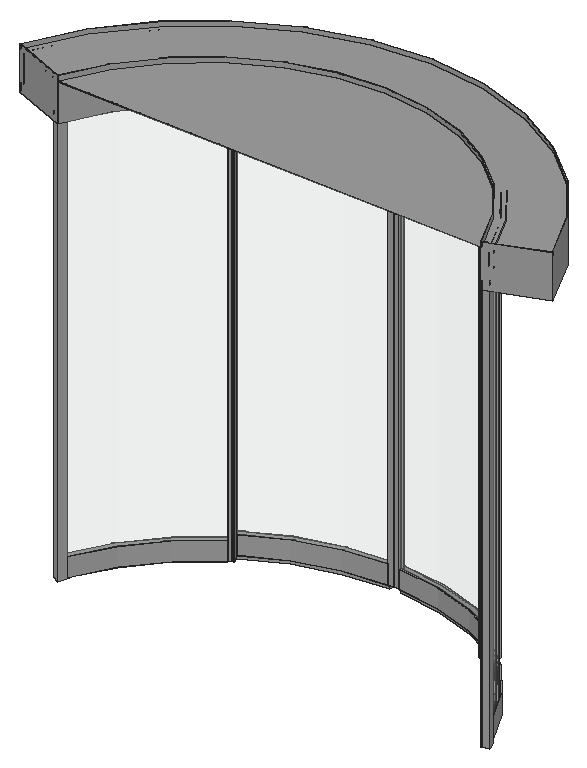
Revit family "agtatec_Record_SldngDrset_RST-ABST-IBST_Curtain Wall Panel", category Curtain Panels, Revit 2015 (continued)
Definition of nested family "RST - Generic"
  Nested families
    nested 1: "Panels" at (0, 0, 0), type "Default"
      with RightProfile30mm no, RightProfile20mm no, Right no, LeftProfile30mm yes, LeftProfile20mm no, Left yes
    nested 2: "Panels" at (0, 0, 0) x (-1, 0, 0) z (0, 0, 1), type "Default"
      with RightProfile30mm yes, RightProfile20mm no, Right yes, LeftProfile30mm no, LeftProfile20mm no, Left no
    nested 3: "Panels" at (0, 0, 0), visible <- "RST360", type "Default"
      with RightProfile30mm no, RightProfile20mm no, Right no, LeftProfile30mm yes, LeftProfile20mm no, Left yes
    nested 4: "Panels" at (0, 0, 0) x (-1, 0, 0) z (0, 0, 1), visible <- "RST360", type "Default"
      with RightProfile30mm yes, RightProfile20mm no, Right yes, LeftProfile30mm no, LeftProfile20mm no, Left no
  Definition of nested family "Panels"
    Parameters
      WithoutSidePanels = not(WithSidePanels)  # no
      WithSidePanels = yes
      WTF = W + StopAngle  # 34.6706°
      W = 32.9207°
      UnderStructure = yes
      StopAngle = if(Panel20mm, (atan(20 mm / SidePanelRadius)), (atan(30 mm / SidePanelRadius)))  # 1.74984°
      SidePanelRadius = if(Panel20mm, (STRadius - 13 mm), (STRadius - 18 mm))  # 982 mm
      SidePanelOutsideProfile30mm = and(Panel30mm, Outside, WithSidePanels)  # yes
      SidePanelOutsideProfile20mm = and(Panel20mm, Outside, WithSidePanels)  # no
      SidePanelInsideProfile30mm = and(Panel30mm, Inside, WithSidePanels)  # no
      SidePanelInsideProfile20mm = and(Panel20mm, Inside, WithSidePanels)  # no
      SidePanelCentralProfiles30mm = and(Panel30mm, WithSidePanels)  # yes
      SidePanelCentralProfiles20mm = and(Panel20mm, WithSidePanels)  # no
      SidePanelAngle = SW - (if(Panel20mm, (atan(25 mm / SidePanelRadius)), (atan(40 mm / SidePanelRadius)))) - StopAngle  # 33.3321°
      SW = 37.4145°
      STRadius = 1000 mm
      RightProfile30mm [instance] = and(Panel30mm, Right)  # no
      RightProfile20mm [instance] = and(Panel20mm, Right)  # no
      Right [instance] = no
      PassageHeight = 2100 mm
      PanelFrames = none
      Panel30mm = not(Panel20mm)  # yes
      Panel20mm = no
      OutsideProfile30mm = and(Panel30mm, Outside)  # yes
      OutsideProfile20mm = and(Panel20mm, Outside)  # no
      OutsideMountingProfile17mm = and(WithoutSidePanels, Outside, MountingProfile17mm)  # no
      Outside = yes
      OpeningRotationAngle = if(OpenDoor, (W - JointAngle), JointAngle)  # 1.54965°
      OpenablePanelRadius = if(and(Inside, Panel20mm), (STRadius - 53 mm), if(and(Inside, Panel30mm), (STRadius - 68 mm), if(and(Outside, Panel20mm), (STRadius + 30 mm), if(and(Outside, Panel30mm), (STRadius + 35 mm), 1200 mm))))  # 1035 mm
      OpenablePanelAngle = W - JointAngle  # 31.3711°
      OpenDoor = no
      MountingProfile39mm = not(MountingProfile17mm)  # no
      MountingProfile17mm = yes
      LeftProfile30mm [instance] = and(Panel30mm, Left)  # yes
      LeftProfile20mm [instance] = and(Panel20mm, Left)  # no
      Left [instance] = yes
      LeafPanelFill = none
      JointAngle = if(Panel20mm, (atan(17 mm / OpenablePanelRadius)), (atan(28 mm / OpenablePanelRadius)))  # 1.54965°
      InsideProfile30mm = and(Panel30mm, Inside)  # no
      InsideProfile20mm = and(Panel20mm, Inside)  # no
      InsideMountingProfile39mm = and(WithoutSidePanels, Inside, MountingProfile39mm)  # no
      InsideMountingProfile17mm = and(WithoutSidePanels, Inside, MountingProfile17mm)  # no
      Inside = not(Outside)  # no
      FloorGuide = no
      FloorChannel = no
      Analytic Construction = "<None>"
    Reference planes
      plane 1 "Center (Front/Back)": y = 0
      plane 2: z = 0
      plane 3 "Center (Left/Right)": x = 0
      plane 4 "Top Plane": z = 2100
      plane 5: z = 2150
      plane 6 "T": z = 5
    Forms (mm)
      Sweep 1, solid, material <- "PanelFrames", visible <- "Panel20mm"
        path origin (0, 0, 0) x (1, 0, 0) y (0, 1, 0)
          loop
            arc (-27.99, 1034.621) -> (-306.665, 988.525) -> (-562.5, 868.803) r 1035
        profile origin (-306.665, 988.525, 0) x (0.296295, -0.955097, 0) y (0, 0, 1)
          loop
            line (7, 29) -> (7, 5) -> (10, 5) -> (10, 78) -> (7, 78) -> (7, 44) -> (-7, 44) -> (-7, 78) -> (-10, 78) -> (-10, 5) -> (-7, 5) -> (-7, 29) -> (-4.35, 29) -> (-4.35, 40) -> (4.35, 40) -> (4.35, 29) -> (7, 29)
          loop
            line (6.825, 28.6) -> (-6.825, 28.6) -> (-6.825, -16.4) -> (6.825, -16.4) -> (6.825, 28.6)
      Sweep 2, solid, material <- "PanelFrames", visible <- "Panel20mm"
        path origin (0, 0, 2100) x (-1, 0, 0) y (0, -1, 0)
          loop
            arc (27.99, -1034.621) -> (306.665, -988.525) -> (562.5, -868.803) r 1035
        profile origin (-306.665, 988.525, 2100) x (0.296295, -0.955097, 0) y (0, 0, 1)
          loop
            line (6.5, 34) -> (6.5, 0) -> (10, 0) -> (10, 50) -> (4.35, 50) -> (4.35, 38) -> (-4.35, 38) -> (-4.35, 50) -> (-10, 50) -> (-10, 0) -> (-6.5, 0) -> (-6.5, 34) -> (6.5, 34)
      Sweep 3, solid, material <- "PanelFrames", visible <- "OutsideProfile20mm"
        path origin (-562.5, 868.803, 0) x (0, 0, 1) y (0.839423, 0.543478, 0)
          loop
            line (5, 0) -> (2150, 0)
        profile origin (-562.5, 868.803, 1077.5) x (0.839423, 0.543478, 0) y (-0.543478, 0.839423, 0)
          loop
            line (-7, -7) -> (-7, 7) -> (0, 7) -> (0, 10) -> (-20, 10) -> (-20, -7) -> (-21.945, -22.264)
            arc (-21.945, -22.264) -> (-21.14, -23.363) -> (-20.001, -22.618) r 0.99
            line (-20.001, -22.618) -> (-17.65, -12.7) -> (-14.95, -12.7) -> (-14.95, -10) -> (0, -10) -> (0, -7) -> (-7, -7)
      Sweep 4, solid, material <- "PanelFrames", visible <- "LeftProfile20mm"
        path origin (-27.99, 1034.621, 0) x (-0.027043, 0.999634, 0) y (0, 0, 1)
          loop
            line (0, 5) -> (0, 2150)
        profile origin (-27.99, 1034.621, 1077.5) x (0.027043, -0.999634, 0) y (0.999634, 0.027043, 0)
          loop
            line (-10, 17) -> (-10, 0) -> (-7, 0) -> (-7, 7) -> (7, 7) -> (7, 0) -> (10, 0) -> (10, 17) -> (3, 17) -> (2.33, 19.5) -> (1.33, 19.5) -> (-0.01, 14.5) -> (-3.51, 14.5) -> (-3.51, 17) -> (-10, 17)
      Sweep 5, solid, material <- "PanelFrames", visible <- "RightProfile20mm"
        path origin (-27.99, 1034.621, 0) x (-0.027043, 0.999634, 0) y (0, 0, 1)
          loop
            line (0, 5) -> (0, 2150)
        profile origin (-27.99, 1034.621, 1077.5) x (0.027043, -0.999634, 0) y (0.999634, 0.027043, 0)
          loop
            line (10, 17) -> (3.51, 17) -> (3.51, 14.5) -> (0.01, 14.5) -> (-1.33, 19.5) -> (-2.33, 19.5) -> (-3, 17) -> (-10, 17) -> (-10, 0) -> (-7, 0) -> (-7, 7) -> (7, 7) -> (7, 0) -> (10, 0) -> (10, 17)
      Sweep 6, solid, material <- "PanelFrames", visible <- "InsideProfile20mm"
        path origin (-562.5, 868.803, 0) x (0, 0, 1) y (0.839423, 0.543478, 0)
          loop
            line (5, 0) -> (2150, 0)
        profile origin (-562.5, 868.803, 1077.5) x (0.839423, 0.543478, 0) y (-0.543478, 0.839423, 0)
          loop
            line (-7, 7) -> (0, 7) -> (0, 10) -> (-14.95, 10) -> (-14.95, 12.7) -> (-17.65, 12.7) -> (-20.001, 22.618)
            arc (-20.001, 22.618) -> (-21.14, 23.363) -> (-21.945, 22.264) r 0.99
            line (-21.945, 22.264) -> (-20, 7) -> (-20, -10) -> (0, -10) -> (0, -7) -> (-7, -7) -> (-7, 7)
      Sweep 7, solid, material <- "PanelFrames", visible <- "Panel30mm"
        path origin (0, 0, 0) x (1, 0, 0) y (0, 1, 0)
          loop
            arc (-27.99, 1034.621) -> (-306.665, 988.525) -> (-562.5, 868.803) r 1035
        profile origin (-306.665, 988.525, 0) x (0.296295, -0.955097, 0) y (0, 0, 1)
          loop
            line (-12, 5) -> (-12, 50) -> (-5, 50) -> (-5, 62) -> (5, 62) -> (5, 50) -> (12, 50) -> (12, 5) -> (15, 5) -> (15, 100) -> (12, 100) -> (12, 67) -> (-12, 67) -> (-12, 100) -> (-15, 100) -> (-15, 5) -> (-12, 5)
          loop
            line (6.825, -16.4) -> (6.825, 28.6) -> (-6.825, 28.6) -> (-6.825, -16.4) -> (6.825, -16.4)
      Sweep 8, solid, material <- "PanelFrames", visible <- "Panel30mm"
        path origin (0, 0, 2100) x (-1, 0, 0) y (0, -1, 0)
          loop
            arc (27.99, -1034.621) -> (306.665, -988.525) -> (562.5, -868.803) r 1035
        profile origin (-306.665, 988.525, 2100) x (0.296295, -0.955097, 0) y (0, 0, 1)
          loop
            line (-12, 33) -> (12, 33) -> (12, 0) -> (15, 0) -> (15, 50) -> (4.5, 50) -> (4.5, 37) -> (-4.5, 37) -> (-4.5, 50) -> (-15, 50) -> (-15, 0) -> (-12, 0) -> (-12, 33)
      Sweep 9, solid, material <- "PanelFrames", visible <- "RightProfile30mm"
        path origin (-27.99, 1034.621, 0) x (-0.027043, 0.999634, 0) y (0, 0, 1)
          loop
            line (0, 5) -> (0, 2150)
        profile origin (-27.99, 1034.621, 1077.5) x (0.027043, -0.999634, 0) y (0.999634, 0.027043, 0)
          loop
            line (-15, 0) -> (-12, 0) -> (-12, 15) -> (12, 15) -> (12, 0) -> (15, 0) -> (15, 28) -> (7.56, 28) -> (6.16, 25) -> (0.5, 25) -> (-2.3, 31) -> (-3.6, 31) -> (-5, 28) -> (-15, 28) -> (-15, 0)
      Sweep 10, solid, material <- "PanelFrames", visible <- "LeftProfile30mm"
        path origin (-27.99, 1034.621, 0) x (-0.027043, 0.999634, 0) y (0, 0, 1)
          loop
            line (0, 5) -> (0, 2150)
        profile origin (-27.99, 1034.621, 1077.5) x (0.027043, -0.999634, 0) y (0.999634, 0.027043, 0)
          loop
            line (-15, 0) -> (-12, 0) -> (-12, 15) -> (12, 15) -> (12, 0) -> (15, 0) -> (15, 28) -> (5, 28) -> (3.6, 31) -> (2.3, 31) -> (-0.5, 25) -> (-6.16, 25) -> (-7.56, 28) -> (-15, 28) -> (-15, 0)
      Sweep 11, solid, material <- "LeafPanelFill", visible <- "Panel20mm"
        path origin (0, 0, 0) x (1, 0, 0) y (0, 1, 0)
          loop
            arc (-22.991, 1034.745) -> (-306.665, 988.525) -> (-566.691, 866.076) r 1035
        profile origin (-306.665, 988.525, 0) x (0.296295, -0.955097, 0) y (0, 0, 1)
          loop
            line (-5, 52) -> (5, 52) -> (5, 2126) -> (-5, 2126) -> (-5, 52)
      Sweep 12, solid, material <- "LeafPanelFill", visible <- "Panel30mm"
        path origin (0, 0, 0) x (1, 0, 0) y (0, 1, 0)
          loop
            arc (-14.992, 1034.891) -> (-306.665, 988.525) -> (-573.368, 861.669) r 1035
        profile origin (-306.665, 988.525, 0) x (0.296295, -0.955097, 0) y (0, 0, 1)
          loop
            line (4, 75) -> (10, 75) -> (10, 2125) -> (4, 2125) -> (4, 75)
          loop
            line (-4, 75) -> (-4, 2125) -> (-10, 2125) -> (-10, 75) -> (-4, 75)
      Sweep 13, solid, material <- "PanelFrames", visible <- "InsideProfile30mm"
        path origin (-562.5, 868.803, 0) x (0, 0, 1) y (-0.543478, 0.839423, 0)
          loop
            line (5, 0) -> (2150, 0)
        profile origin (-562.5, 868.803, 1077.5) x (-0.543478, 0.839423, 0) y (-0.839423, -0.543478, 0)
          loop
            line (15, 0) -> (15, 25) -> (26, 25)
            arc (26, 25) -> (26.961, 25.901) -> (26.123, 26.918) r 0.963
            line (26.123, 26.918) -> (15, 28.35) -> (15, 30) -> (-15, 30) -> (-15, 0) -> (-12, 0) -> (-12, 15) -> (12, 15) -> (12, 0) -> (15, 0)
      Sweep 14, solid, material <- "PanelFrames", visible <- "OutsideProfile30mm"
        path origin (-562.5, 868.803, 0) x (0, 0, 1) y (-0.543478, 0.839423, 0)
          loop
            line (5, 0) -> (2144, 0)
        profile origin (-562.5, 868.803, 1074.5) x (-0.543478, 0.839423, 0) y (-0.839423, -0.543478, 0)
          loop
            line (-15, 0) -> (-12, 0) -> (-12, 15) -> (12, 15) -> (12, 0) -> (15, 0) -> (15, 30) -> (-15, 30) -> (-15, 28.35) -> (-26.123, 26.918)
            arc (-26.123, 26.918) -> (-26.961, 25.901) -> (-26, 25) r 0.963
            line (-26, 25) -> (-15, 25) -> (-15, 0)
      Sweep 15, solid, material <- "PanelFrames", visible <- "SidePanelCentralProfiles20mm"
        path origin (0, 0, 0) x (0, 1, 0) y (-1, 0, 0)
          loop
            arc (807.632, 558.618) -> (613.498, 766.775) -> (367.821, 910.512) r 982
        profile origin (-766.775, 613.498, 0) x (0.78083, -0.624743, 0) y (0, 0, 1)
          loop
            line (7, 29) -> (7, 5) -> (10, 5) -> (10, 78) -> (7, 78) -> (7, 44) -> (-7, 44) -> (-7, 78) -> (-10, 78) -> (-10, 5) -> (-7, 5) -> (-7, 29) -> (-4.35, 29) -> (-4.35, 40) -> (4.35, 40) -> (4.35, 29) -> (7, 29)
      Sweep 16, solid, material <- "PanelFrames", visible <- "SidePanelCentralProfiles20mm"
        path origin (0, 0, 2100) x (0, -1, 0) y (1, 0, 0)
          loop
            arc (-807.632, -558.618) -> (-613.498, -766.775) -> (-367.821, -910.512) r 982
        profile origin (-766.775, 613.498, 2100) x (0.78083, -0.624743, 0) y (0, 0, 1)
          loop
            line (6.5, 28) -> (6.5, 0) -> (10, 0) -> (10, 44) -> (4.35, 44) -> (4.35, 32) -> (-4.35, 32) -> (-4.35, 44) -> (-10, 44) -> (-10, 0) -> (-6.5, 0) -> (-6.5, 28) -> (6.5, 28)
      Sweep 17, solid, material <- "PanelFrames", visible <- "SidePanelCentralProfiles20mm"
        path origin (-910.512, 367.821, 0) x (0, 0, 1) y (0.374563, 0.927202, 0)
          loop
            line (5, 0) -> (2144, 0)
        profile origin (-910.512, 367.821, 1074.5) x (0.374563, 0.927202, 0) y (-0.927202, 0.374563, 0)
          loop
            line (-7, -7) -> (-7, 7) -> (0, 7) -> (0, 10) -> (-15, 10) -> (-15, 5) -> (-9, 5) -> (-9, -5) -> (-15, -5) -> (-15, -10) -> (0, -10) -> (0, -7) -> (-7, -7)
      Sweep 18, solid, material <- "PanelFrames", visible <- "SidePanelCentralProfiles20mm"
        path origin (-558.618, 807.632, 0) x (-0.568857, 0.822436, 0) y (0, 0, 1)
          loop
            line (0, 5) -> (0, 2144)
        profile origin (-558.618, 807.632, 1074.5) x (0.568857, -0.822436, 0) y (0.822436, 0.568857, 0)
          loop
            line (-10, 15) -> (-10, 0) -> (-7, 0) -> (-7, 7) -> (7, 7) -> (7, 0) -> (10, 0) -> (10, 15) -> (5, 15) -> (5, 9) -> (-5, 9) -> (-5, 15) -> (-10, 15)
      Sweep 19, solid, material <- "PanelFrames", visible <- "SidePanelInsideProfile20mm"
        path origin (-558.618, 807.632, 0) x (-0.568857, 0.822436, 0) y (0, 0, 1)
          loop
            line (0, 5) -> (0, 2144)
        profile origin (-558.618, 807.632, 1074.5) x (0.568857, -0.822436, 0) y (0.822436, 0.568857, 0)
          loop
            line (10, 15) -> (10, 0) -> (11.7, 0) -> (11.7, 2) -> (19.358, 1) -> (27, 2) -> (27, 20) -> (-10, 20) -> (-10, 15) -> (10, 15)
      Sweep 20, solid, material <- "PanelFrames", visible <- "SidePanelCentralProfiles20mm"
        path origin (-910.512, 367.821, 0) x (0, 0, 1) y (0.374563, 0.927202, 0)
          loop
            line (0, 0) -> (2100, 0)
        profile origin (-910.512, 367.821, 1050) x (0.374563, 0.927202, 0) y (-0.927202, 0.374563, 0)
          loop
            line (-25, 12.5) -> (-25, -12.5) -> (0, -12.5) -> (0, -10.5) -> (-23, -10.5) -> (-23, 10.5) -> (0, 10.5) -> (0, 12.5) -> (-25, 12.5)
      Sweep 21, solid, material <- "LeafPanelFill", visible <- "SidePanelCentralProfiles20mm"
        path origin (0, 0, 0) x (0, 1, 0) y (-1, 0, 0)
          loop
            arc (810.466, 554.498) -> (613.498, 766.775) -> (363.18, 912.373) r 982
        profile origin (-766.775, 613.498, 0) x (0.78083, -0.624743, 0) y (0, 0, 1)
          loop
            line (-5, 52) -> (5, 52) -> (5, 2126) -> (-5, 2126) -> (-5, 52)
      Sweep 22, solid, material <- "PanelFrames", visible <- "SidePanelOutsideProfile20mm"
        path origin (-558.618, 807.632, 0) x (-0.568857, 0.822436, 0) y (0, 0, 1)
          loop
            line (0, 5) -> (0, 2144)
        profile origin (-558.618, 807.632, 1074.5) x (0.568857, -0.822436, 0) y (0.822436, 0.568857, 0)
          loop
            line (-10, 15) -> (10, 15) -> (10, 20) -> (-27, 20) -> (-27, 2) -> (-19.358, 1) -> (-11.7, 2) -> (-11.7, 0) -> (-10, 0) -> (-10, 15)
      Sweep 23, solid, material <- "PanelFrames", visible <- "SidePanelCentralProfiles30mm"
        path origin (0, 0, 0) x (0, 1, 0) y (-1, 0, 0)
          loop
            arc (807.632, 558.618) -> (613.498, 766.775) -> (367.821, 910.512) r 982
        profile origin (-766.775, 613.498, 0) x (0.78083, -0.624743, 0) y (0, 0, 1)
          loop
            line (12, 50) -> (12, 5) -> (15, 5) -> (15, 100) -> (12, 100) -> (12, 67) -> (-12, 67) -> (-12, 100) -> (-15, 100) -> (-15, 5) -> (-12, 5) -> (-12, 50) -> (-4.35, 50) -> (-4.35, 62) -> (4.35, 62) -> (4.35, 50) -> (12, 50)
      Sweep 24, solid, material <- "PanelFrames", visible <- "SidePanelCentralProfiles30mm"
        path origin (0, 0, 2100) x (0, -1, 0) y (1, 0, 0)
          loop
            arc (-807.632, -558.618) -> (-613.498, -766.775) -> (-367.821, -910.512) r 982
        profile origin (-766.775, 613.498, 2100) x (0.78083, -0.624743, 0) y (0, 0, 1)
          loop
            line (12, 27) -> (12, 0) -> (15, 0) -> (15, 44) -> (4.5, 44) -> (4.5, 32) -> (-4.5, 32) -> (-4.5, 44) -> (-15, 44) -> (-15, 0) -> (-12, 0) -> (-12, 27) -> (12, 27)
      Sweep 25, solid, material <- "PanelFrames", visible <- "SidePanelCentralProfiles30mm"
        path origin (-910.512, 367.821, 5) x (0, 0, 1) y (0.374563, 0.927202, 0)
          loop
            line (0, 0) -> (2139, 0)
        profile origin (-910.512, 367.821, 1074.5) x (0.374563, 0.927202, 0) y (-0.927202, 0.374563, 0)
          loop
            line (-15, -12) -> (-15, 12) -> (0, 12) -> (0, 15) -> (-25, 15) -> (-25, 8) -> (-18, 8) -> (-18, -8) -> (-25, -8) -> (-25, -15) -> (0, -15) -> (0, -12) -> (-15, -12)
      Sweep 26, solid, material <- "PanelFrames", visible <- "SidePanelCentralProfiles30mm"
        path origin (-558.618, 807.632, 0) x (-0.568857, 0.822436, 0) y (0, 0, 1)
          loop
            line (0, 5) -> (0, 2144)
        profile origin (-558.618, 807.632, 1074.5) x (0.568857, -0.822436, 0) y (0.822436, 0.568857, 0)
          loop
            line (-15, 25) -> (-15, 0) -> (-12, 0) -> (-12, 15) -> (12, 15) -> (12, 0) -> (15, 0) -> (15, 25) -> (8, 25) -> (8, 18) -> (-8, 18) -> (-8, 25) -> (-15, 25)
      Sweep 27, solid, material <- "PanelFrames", visible <- "SidePanelInsideProfile30mm"
        path origin (-558.618, 807.632, 0) x (-0.568857, 0.822436, 0) y (0, 0, 1)
          loop
            line (0, 5) -> (0, 2144)
        profile origin (-558.618, 807.632, 1074.5) x (0.568857, -0.822436, 0) y (0.822436, 0.568857, 0)
          loop
            line (15, 25) -> (15, 0) -> (16.75, 0) -> (16.75, 5.001) -> (32, 5.143) -> (32, 30) -> (-15, 30) -> (-15, 25) -> (15, 25)
      Sweep 28, solid, material <- "PanelFrames", visible <- "SidePanelCentralProfiles30mm"
        path origin (-910.512, 367.821, 5) x (0, 0, 1) y (0.374563, 0.927202, 0)
          loop
            line (-5, 0) -> (2095, 0)
        profile origin (-910.512, 367.821, 1050) x (0.374563, 0.927202, 0) y (-0.927202, 0.374563, 0)
          loop
            line (-40, 17.85) -> (-40, -20.15) -> (0, -20.15) -> (0, -17.15) -> (-37, -17.15) -> (-37, 15.85) -> (0, 15.85) -> (0, 17.85) -> (-40, 17.85)
      Sweep 29, solid, material <- "LeafPanelFill", visible <- "SidePanelCentralProfiles30mm"
        path origin (0, 0, 0) x (0, 1, 0) y (-1, 0, 0)
          loop
            arc (810.466, 554.498) -> (613.498, 766.775) -> (363.18, 912.373) r 982
        profile origin (-766.775, 613.498, 0) x (0.78083, -0.624743, 0) y (0, 0, 1)
          loop
            line (-9, 75) -> (-4, 75) -> (-4, 2125) -> (-9, 2125) -> (-9, 75)
          loop
            line (4, 75) -> (9, 75) -> (9, 2125) -> (4, 2125) -> (4, 75)
      Sweep 30, solid, material <- "PanelFrames", visible <- "SidePanelOutsideProfile30mm"
        path origin (-558.618, 807.632, 0) x (-0.568857, 0.822436, 0) y (0, 0, 1)
          loop
            line (0, 5) -> (0, 2144)
        profile origin (-558.618, 807.632, 1074.5) x (0.568857, -0.822436, 0) y (0.822436, 0.568857, 0)
          loop
            line (-15, 25) -> (15, 25) -> (15, 30) -> (-32, 30) -> (-32, 4.546) -> (-16.75, 4.688) -> (-16.75, 0) -> (-15, 0) -> (-15, 25)
      Sweep 31, solid, material <- "PanelFrames", visible <- "InsideMountingProfile17mm"
        path origin (-558.618, 807.632, 0) x (-0.568857, 0.822436, 0) y (0, 0, 1)
          loop
            line (0, 0) -> (0, 2100)
        profile origin (-558.618, 807.632, 1050) x (0.568857, -0.822436, 0) y (0.822436, 0.568857, 0)
          loop
            line (19.358, 1) -> (27, 2) -> (27, 20) -> (10, 20) -> (10, -20) -> (11.7, -20) -> (11.7, 2) -> (19.358, 1)
      Sweep 32, solid, material <- "PanelFrames", visible <- "OutsideMountingProfile17mm"
        path origin (-558.618, 807.632, 0) x (-0.568857, 0.822436, 0) y (0, 0, 1)
          loop
            line (0, 0) -> (0, 2100)
        profile origin (-558.618, 807.632, 1050) x (0.568857, -0.822436, 0) y (0.822436, 0.568857, 0)
          loop
            line (-19.358, 1) -> (-11.7, 2) -> (-11.7, -20) -> (-10, -20) -> (-10, 20) -> (-27, 20) -> (-27, 2) -> (-19.358, 1)
      Sweep 33, solid, material <- "PanelFrames", visible <- "InsideMountingProfile39mm"
        path origin (-558.618, 807.632, 0) x (-0.568857, 0.822436, 0) y (0, 0, 1)
          loop
            line (0, 0) -> (0, 2100)
        profile origin (-558.618, 807.632, 1050) x (0.568857, -0.822436, 0) y (0.822436, 0.568857, 0)
          loop
            line (19.358, 1) -> (27, 2) -> (27, 20) -> (-12, 20) -> (-12, 14) -> (-10.015, 12.971) -> (-10.015, 0.971) -> (-12, -0.021) -> (-12, -20) -> (-9.3, -20) -> (-9.3, 0) -> (11.7, 0) -> (11.7, 2) -> (19.358, 1)
      Sweep 34, solid, material <- "PanelFrames", visible <- "WithSidePanels"
        path origin (0, 0, 0) x (1, 0, 0) y (0, 1, 0)
          loop
            arc (-558.618, 807.632) -> (-766.775, 613.498) -> (-910.512, 367.821) r 982
        profile origin (-766.775, 613.498, 0) x (0.78083, -0.624743, 0) y (0, 0, 1)
          loop
            line (-10, 0) -> (10, 0) -> (10, 2.5) -> (6, 2.5) -> (6, 25) -> (-6, 25) -> (-6, 2.5) -> (-10, 2.5) -> (-10, 0)
      Sweep 35, solid, material <- "PanelFrames", visible <- "FloorGuide"
        path origin (0, 0, 0) x (1, 0, 0) y (0, 1, 0)
          loop
            arc (-27.99, 1034.621) -> (-306.665, 988.525) -> (-562.5, 868.803) r 1035
        profile origin (-306.665, 988.525, 0) x (0.296295, -0.955097, 0) y (0, 0, 1)
          loop
            line (10, 0) -> (10, 4) -> (6, 4) -> (6, 25) -> (-6, 25) -> (-6, 4) -> (-10, 4) -> (-10, 0) -> (10, 0)
      Sweep 36, solid, material <- "PanelFrames", visible <- "FloorChannel"
        path origin (0, 0, 0) x (1, 0, 0) y (0, 1, 0)
          loop
            arc (0, 1035) -> (-578.785, 858.04) -> (-959.654, 387.673) r 1035
        profile origin (-578.785, 858.04, 0) x (0.559212, -0.829024, 0) y (0, 0, 1)
          loop
            arc (5, -30) -> (7.828, -28.828) -> (9, -26) r 4
            line (9, -26) -> (9, 0) -> (7, 0) -> (7, -26)
            arc (7, -26) -> (6.414, -27.414) -> (5, -28) r 2
            line (5, -28) -> (-5, -28)
            arc (-5, -28) -> (-6.414, -27.414) -> (-7, -26) r 2
            line (-7, -26) -> (-7, 0) -> (-9, 0) -> (-9, -26)
            arc (-9, -26) -> (-7.828, -28.828) -> (-5, -30) r 4
            line (-5, -30) -> (5, -30)
      Sweep 37, solid, material <- "PanelFrames", visible <- "UnderStructure"
        path origin (0, 0, 0) x (1, 0, 0) y (0, 1, 0)
          loop
            arc (0, 1035) -> (-578.785, 858.04) -> (-959.654, 387.673) r 1035
        profile origin (-578.785, 858.04, 0) x (0.559212, -0.829024, 0) y (0, 0, 1)
          loop
            line (7, 0) -> (7, -29)
            arc (7, -29) -> (6.414, -30.414) -> (5, -31) r 2
            line (5, -31) -> (-7, -31) -> (-7, 0) -> (-47, 0) -> (-47, -31) -> (-24, -31) -> (-24, -33) -> (5, -33)
            arc (5, -33) -> (7.828, -31.828) -> (9, -29) r 4
            line (9, -29) -> (9, 0) -> (7, 0)
    Lines and regions (mm)
      Masking region 1, visible <- "Panel20mm"
        outline origin (0, 0, 0) x (-0.543478, 0.839423, 0) y (-0.839423, -0.543478, 0)
          loop
            line (875.159, -533.593) -> (892.235, -544.005)
            arc (892.235, -544.005) -> (1006.084, -282.524) -> (1045, 0) r 1045
            line (1045, 0) -> (1025, 0)
            arc (1025, 0) -> (986.829, -277.116) -> (875.159, -533.593) r 1025
      Masking region 2, visible <- "InsideProfile20mm"
        outline origin (0, 0, 0) x (-0.543478, 0.839423, 0) y (-0.839423, -0.543478, 0)
          loop
            line (1057.264, 21.945) -> (1042, 20) -> (1025, 20) -> (1025, 0) -> (1045, 0) -> (1045, 14.95) -> (1047.7, 14.95) -> (1047.7, 17.65) -> (1057.618, 20.001)
            arc (1057.618, 20.001) -> (1058.363, 21.14) -> (1057.264, 21.945) r 0.99
      Masking region 3, visible <- "OutsideProfile20mm"
        outline origin (0, 0, 0) x (-0.543478, 0.839423, 0) y (-0.839423, -0.543478, 0)
          loop
            line (1012.382, 20.001) -> (1022.3, 17.65) -> (1022.3, 14.95) -> (1025, 14.95) -> (1025, 0) -> (1045, 0) -> (1045, 20) -> (1028, 20) -> (1012.736, 21.945)
            arc (1012.736, 21.945) -> (1011.637, 21.14) -> (1012.382, 20.001) r 0.99
      Masking region 4, visible <- "RightProfile20mm"
        outline origin (0, 0, 0) x (-0.543478, 0.839423, 0) y (-0.839423, -0.543478, 0)
          loop
            line (875.159, -533.593) -> (866.309, -548.108) -> (871.85, -551.487) -> (873.152, -549.352) -> (876.14, -551.174) -> (874.681, -556.141) -> (875.535, -556.661) -> (877.409, -554.876) -> (883.385, -558.52) -> (892.235, -544.005) -> (875.159, -533.593)
      Masking region 5, visible <- "LeftProfile20mm"
        outline origin (0, 0, 0) x (-0.543478, 0.839423, 0) y (-0.839423, -0.543478, 0)
          loop
            line (872.286, -551.752) -> (871.556, -554.235) -> (872.41, -554.756) -> (876.157, -551.185) -> (879.146, -553.007) -> (877.844, -555.141) -> (883.385, -558.52) -> (892.235, -544.005) -> (875.159, -533.593) -> (866.309, -548.108) -> (872.286, -551.752)
      Masking region 6, visible <- "Panel30mm"
        outline origin (-562.5, 868.803, 5) x (0.543478, -0.839423, 0) y (0.839423, 0.543478, 0)
          loop
            line (164.11, 530.99) -> (138.496, 546.608)
            arc (138.496, 546.608) -> (24.102, 283.875) -> (-15, 0) r 1050
            line (-15, 0) -> (15, 0)
            arc (15, 0) -> (52.985, 275.765) -> (164.11, 530.99) r 1020
      Masking region 7, visible <- "InsideProfile30mm"
        outline origin (-562.5, 868.803, 5) x (0.543478, -0.839423, 0) y (0.839423, 0.543478, 0)
          loop
            line (-26.123, -26.918) -> (-15, -28.35) -> (-15, -30) -> (15, -30) -> (15, 0) -> (-15, 0) -> (-15, -25) -> (-26, -25)
            arc (-26, -25) -> (-26.961, -25.901) -> (-26.123, -26.918) r 0.963
      Masking region 8, visible <- "OutsideProfile30mm"
        outline origin (-562.5, 868.803, 5) x (0.543478, -0.839423, 0) y (0.839423, 0.543478, 0)
          loop
            line (15, -28.35) -> (26.123, -26.918)
            arc (26.123, -26.918) -> (26.961, -25.901) -> (26, -25) r 0.963
            line (26, -25) -> (15, -25) -> (15, 0) -> (-15, 0) -> (-15, -30) -> (15, -30) -> (15, -28.35)
      Masking region 9, visible <- "RightProfile30mm"
        outline origin (-562.5, 868.803, 5) x (0.543478, -0.839423, 0) y (0.839423, 0.543478, 0)
          loop
            line (164.744, 559.884) -> (165.477, 566.465) -> (164.367, 567.141) -> (161.61, 565.309) -> (153.072, 570.514) -> (138.496, 546.608) -> (164.11, 530.99) -> (178.686, 554.897) -> (172.334, 558.77) -> (169.577, 556.938) -> (164.744, 559.884)
      Masking region 10, visible <- "LeftProfile30mm"
        outline origin (-562.5, 868.803, 5) x (0.543478, -0.839423, 0) y (0.839423, 0.543478, 0)
          loop
            line (170.148, 560.103) -> (170.515, 563.393) -> (169.405, 564.07) -> (163.89, 560.405) -> (159.058, 563.351) -> (159.424, 566.641) -> (153.072, 570.514) -> (138.496, 546.608) -> (164.11, 530.99) -> (178.686, 554.897) -> (170.148, 560.103)
      Masking region 11, visible <- "SidePanelCentralProfiles20mm"
        outline origin (-910.512, 367.821, 0) x (0.927202, -0.374563, 0) y (0.374563, 0.927202, 0)
          loop
            line (169.895, 534.106) -> (153.185, 545.096)
            arc (153.185, 545.096) -> (31.671, 284.499) -> (-10, 0) r 992
            line (-10, 0) -> (10, 0)
            arc (10, 0) -> (50.831, 278.763) -> (169.895, 534.106) r 972
      Masking region 12, visible <- "SidePanelCentralProfiles20mm"
        outline origin (-910.512, 367.821, 0) x (0.927202, -0.374563, 0) y (0.374563, 0.927202, 0)
          loop
            line (12.5, -25) -> (12.5, 0) -> (-12.5, 0) -> (-12.5, -25) -> (12.5, -25)
      Masking region 13, visible <- "SidePanelCentralProfiles20mm", detail levels fine
        outline origin (-910.512, 367.821, 0) x (0.927202, -0.374563, 0) y (0.374563, 0.927202, 0)
          loop
            line (-4.987, -5.025) -> (5.013, -4.975)
            arc (5.013, -4.975) -> (46.041, 280.197) -> (168.461, 541.002) r 977
            line (168.461, 541.002) -> (160.134, 546.54)
            arc (160.134, 546.54) -> (36.461, 283.065) -> (-4.987, -5.025) r 987
      Masking region 14, visible <- "SidePanelCentralProfiles20mm", detail levels medium+fine
        outline origin (-910.512, 367.821, 0) x (0.927202, -0.374563, 0) y (0.374563, 0.927202, 0)
          loop
            line (-7, -7) -> (-7, 0) -> (-10, 0) -> (-10, -15) -> (-5, -15) -> (-5, -9) -> (5, -9) -> (5, -15) -> (10, -15) -> (10, 0) -> (7, 0) -> (7, -7) -> (-7, -7)
      Masking region 15, visible <- "SidePanelCentralProfiles20mm", detail levels fine
        outline origin (-910.512, 367.821, 0) x (0.927202, -0.374563, 0) y (0.374563, 0.927202, 0)
          loop
            line (-10.5, 0) -> (-12.5, 0) -> (-12.5, -25) -> (12.5, -25) -> (12.5, 0) -> (10.5, 0) -> (10.5, -23) -> (-10.5, -23) -> (-10.5, 0)
      Masking region 16, visible <- "SidePanelInsideProfile20mm"
        outline origin (-558.618, 807.632, 0) x (0.568857, -0.822436, 0) y (0.822436, 0.568857, 0)
          loop
            line (11.7, 2) -> (19.358, 1) -> (27, 2) -> (27, 20) -> (-10, 20) -> (-10, 0) -> (10, 0) -> (11.7, 0) -> (11.7, 2)
      Masking region 17, visible <- "SidePanelOutsideProfile20mm"
        outline origin (-558.618, 807.632, 0) x (0.568857, -0.822436, 0) y (0.822436, 0.568857, 0)
          loop
            line (-27, 2) -> (-19.358, 1) -> (-11.7, 2) -> (-11.7, 0) -> (-10, 0) -> (10, 0) -> (10, 20) -> (-27, 20) -> (-27, 2)
      Masking region 18, visible <- "SidePanelCentralProfiles30mm"
        outline origin (0, 0, 5) x (-1, 0, 0) y (0, -1, 0)
          loop
            line (550.085, -795.296) -> (567.151, -819.969)
            arc (567.151, -819.969) -> (778.488, -622.869) -> (924.42, -373.439) r 997
            line (924.42, -373.439) -> (896.604, -362.202)
            arc (896.604, -362.202) -> (755.063, -604.127) -> (550.085, -795.296) r 967
      Masking region 19, visible <- "SidePanelCentralProfiles30mm"
        outline origin (0, 0, 5) x (-1, 0, 0) y (0, -1, 0)
          loop
            line (942.045, -337.419) -> (906.811, -323.185) -> (891.829, -360.273) -> (927.062, -374.507) -> (942.045, -337.419)
      Masking region 20, visible <- "SidePanelCentralProfiles30mm", detail levels fine
        outline origin (0, 0, 5) x (-1, 0, 0) y (0, -1, 0)
          loop
            arc (559.58, -817.894) -> (773.803, -619.121) -> (920.735, -366.508) r 991
            line (920.735, -366.508) -> (916.089, -364.659)
            arc (916.089, -364.659) -> (769.898, -615.997) -> (556.757, -813.768) r 986
            line (556.757, -813.768) -> (559.58, -817.894)
          loop
            arc (904.011, -359.851) -> (759.748, -607.875) -> (549.416, -803.038) r 973
            line (549.416, -803.038) -> (552.24, -807.165)
            arc (552.24, -807.165) -> (763.652, -610.999) -> (908.657, -361.701) r 978
            line (908.657, -361.701) -> (904.011, -359.851)
      Masking region 21, visible <- "SidePanelCentralProfiles30mm", detail levels medium+fine
        outline origin (0, 0, 5) x (-1, 0, 0) y (0, -1, 0)
          loop
            line (905.004, -349.418) -> (927.257, -358.407) -> (921.638, -372.315) -> (924.42, -373.439) -> (933.784, -350.259) -> (927.294, -347.637) -> (924.672, -354.128) -> (909.836, -348.135) -> (912.458, -341.644) -> (905.968, -339.022) -> (896.604, -362.202) -> (899.385, -363.326) -> (905.004, -349.418)
      Masking region 22, visible <- "SidePanelCentralProfiles30mm", detail levels fine
        outline origin (0, 0, 5) x (-1, 0, 0) y (0, -1, 0)
          loop
            line (908.469, -327.09) -> (939.067, -339.451) -> (925.208, -373.758) -> (927.062, -374.507) -> (942.045, -337.419) -> (906.811, -323.185) -> (891.829, -360.273) -> (894.61, -361.397) -> (908.469, -327.09)
      Masking region 23, visible <- "SidePanelInsideProfile30mm"
        outline origin (-558.618, 807.632, 5) x (0.568857, -0.822436, 0) y (0.822436, 0.568857, 0)
          loop
            line (16.75, 5.001) -> (32, 5.143) -> (32, 30) -> (-15, 30) -> (-15, 0) -> (15, 0) -> (16.75, 0) -> (16.75, 5.001)
      Masking region 24, visible <- "SidePanelOutsideProfile30mm"
        outline origin (-558.618, 807.632, 5) x (0.568857, -0.822436, 0) y (0.822436, 0.568857, 0)
          loop
            line (-32, 30) -> (-32, 4.546) -> (-16.75, 4.688) -> (-16.75, 0) -> (-15, 0) -> (15, 0) -> (15, 30) -> (-32, 30)
      Masking region 25, visible <- "InsideMountingProfile17mm"
        outline origin (-558.618, 807.632, 0) x (0.568857, -0.822436, 0) y (0.822436, 0.568857, 0)
          loop
            line (11.7, -20) -> (11.7, 2) -> (19.358, 1) -> (27, 2) -> (27, 20) -> (10, 20) -> (10, -20) -> (11.7, -20)
      Masking region 26, visible <- "OutsideMountingProfile17mm"
        outline origin (0, 0, 5) x (-1, 0, 0) y (0, -1, 0)
          loop
            line (580.755, -804.48) -> (547.858, -827.234) -> (557.528, -841.215) -> (572.332, -830.976) -> (568.807, -824.122) -> (563.628, -818.393) -> (581.722, -805.878) -> (580.755, -804.48)
      Masking region 27, visible <- "InsideMountingProfile39mm"
        outline origin (0, 0, 5) x (-1, 0, 0) y (0, -1, 0)
          loop
            line (580.357, -803.904) -> (563.908, -815.281) -> (551.962, -798.01) -> (550.317, -799.148) -> (546.783, -792.28) -> (541.614, -786.564) -> (526.81, -796.804) -> (548.995, -828.879) -> (553.93, -825.466) -> (553.647, -823.248) -> (563.516, -816.421) -> (565.462, -817.49) -> (581.893, -806.125) -> (580.357, -803.904)
      reference lines
        curve 1: line (0, 0, 0) -> (-562.5, 868.803, 0)
        curve 2: circle (0, 0, 0) r 1035 normal (0, 0, 1)
        curve 3: circle (0, 0, 5) r 1035 normal (0, 0, 1)
        curve 4: line (0, 0, 0) -> (-27.99, 1034.621, 0)
        curve 5: line (0, 0, 5) -> (-27.99, 1034.621, 5)
        curve 6: line (-562.5, 868.803, 5) -> (0, 0, 5)
        curve 43: line (-558.618, 807.632, 0) -> (0, 0, 0)
        curve 44: circle (0, 0, 0) r 982 normal (0, 0, 1)
        curve 45: line (-910.512, 367.821, 0) -> (0, 0, 0)
        curve 61: circle (0, 0, 5) r 982 normal (0, 0, 1)
        curve 62: line (-910.512, 367.821, 5) -> (0, 0, 5)
        curve 63: line (-558.618, 807.632, 5) -> (0, 0, 5)
      symbolic lines, visible <- "Panel20mm", detail levels medium+fine
        curve 7: line (-28.179, 1041.619, 0) -> (-21.182, 1041.808, 0)
        curve 8: line (-21.182, 1041.808, 0) -> (-20.803, 1027.813, 0)
        curve 9: line (-20.803, 1027.813, 0) -> (-27.8, 1027.624, 0)
        curve 10: line (-572.18, 870.875, 0) -> (-566.304, 874.679, 0)
        curve 11: line (-564.572, 859.123, 0) -> (-572.18, 870.875, 0)
        curve 12: line (-558.696, 862.927, 0) -> (-564.572, 859.123, 0)
        curve 17: line (-557.065, 860.409, 0) -> (-558.696, 862.927, 0)
        curve 18: line (-566.304, 874.679, 0) -> (-567.935, 877.197, 0)
        curve 19: line (-27.8, 1027.624, 0) -> (-27.719, 1024.625, 0)
        curve 20: line (-28.26, 1044.618, 0) -> (-28.179, 1041.619, 0)
        curve 21: arc (-28.179, 1041.619, 0) -> (-308.739, 995.211, 0) -> (-566.304, 874.679, 0) r 1042
        curve 22: arc (-27.8, 1027.624, 0) -> (-304.591, 981.839, 0) -> (-558.696, 862.927, 0) r 1028
      symbolic lines, visible <- "Panel20mm", detail levels fine
        curve 13: arc (-563.953, 861.892, 0) -> (-305.184, 983.749, 0) -> (-22.88, 1029.746, 0) r 1030
        curve 14: line (-22.88, 1029.746, 0) -> (-23.102, 1039.743, 0)
        curve 15: arc (-23.102, 1039.743, 0) -> (-308.147, 993.3, 0) -> (-569.428, 870.259, 0) r 1040
        curve 16: line (-569.428, 870.259, 0) -> (-563.953, 861.892, 0)
      symbolic lines, visible <- "Panel30mm", detail levels medium+fine
        curve 23: line (-12.671, 1023.032, 5) -> (-27.665, 1022.626, 5)
        curve 24: line (-13.32, 1047.023, 5) -> (-12.671, 1023.032, 5)
        curve 25: line (-28.314, 1046.617, 5) -> (-13.32, 1047.023, 5)
        curve 26: line (-28.395, 1049.616, 5) -> (-28.314, 1046.617, 5)
        curve 27: line (-27.665, 1022.626, 5) -> (-27.584, 1019.627, 5)
        curve 28: line (-555.978, 858.73, 5) -> (-568.57, 850.578, 5)
        curve 29: line (-568.57, 850.578, 5) -> (-581.613, 870.724, 5)
        curve 30: line (-581.613, 870.724, 5) -> (-569.022, 878.876, 5)
        curve 31: line (-569.022, 878.876, 5) -> (-570.652, 881.394, 5)
        curve 32: line (-554.348, 856.212, 5) -> (-555.978, 858.73, 5)
      symbolic lines, visible <- "Panel30mm", detail levels fine
        curve 33: arc (-567.828, 853.344, 5) -> (-303.702, 978.974, 5) -> (-14.847, 1024.892, 5) r 1025
        curve 34: line (-14.847, 1024.892, 5) -> (-14.934, 1030.892, 5)
        curve 35: arc (-14.934, 1030.892, 5) -> (-305.48, 984.705, 5) -> (-571.152, 858.339, 5) r 1031
        curve 36: line (-571.152, 858.339, 5) -> (-567.828, 853.344, 5)
        curve 37: arc (-575.584, 864.999, 5) -> (-307.85, 992.345, 5) -> (-15.05, 1038.891, 5) r 1039
        curve 38: line (-15.05, 1038.891, 5) -> (-15.137, 1044.89, 5)
        curve 39: arc (-15.137, 1044.89, 5) -> (-309.628, 998.076, 5) -> (-578.908, 869.995, 5) r 1045
        curve 40: line (-578.908, 869.995, 5) -> (-575.584, 864.999, 5)
        curve 41: arc (-27.665, 1022.626, 5) -> (-303.11, 977.064, 5) -> (-555.978, 858.73, 5) r 1023
        curve 42: arc (-28.314, 1046.617, 5) -> (-310.221, 999.986, 5) -> (-569.022, 878.876, 5) r 1047
      symbolic lines, visible <- "SidePanelCentralProfiles20mm", detail levels medium+fine
        curve 46: arc (-562.6, 813.39, 0) -> (-772.241, 617.871, 0) -> (-917.002, 370.443, 0) r 989
        curve 47: arc (-554.636, 801.875, 0) -> (-761.309, 609.125, 0) -> (-904.021, 365.199, 0) r 975
        curve 50: line (-562.6, 813.39, 0) -> (-556.843, 817.372, 0)
        curve 51: line (-556.843, 817.372, 0) -> (-548.879, 805.857, 0)
        curve 52: line (-548.879, 805.857, 0) -> (-554.636, 801.875, 0)
        curve 59: line (-554.636, 801.875, 0) -> (-552.929, 799.408, 0)
        curve 60: line (-564.306, 815.857, 0) -> (-562.6, 813.39, 0)
      symbolic lines, visible <- "SidePanelCentralProfiles20mm"
        curve 48: line (-898.922, 363.139, 0) -> (-901.24, 364.075, 0)
        curve 49: line (-919.784, 371.566, 0) -> (-922.102, 372.503, 0)
      symbolic lines, visible <- "SidePanelCentralProfiles20mm", detail levels fine
        curve 53: line (-551.97, 824.39, 0) -> (-564.306, 815.857, 0)
        curve 54: line (-554.06, 816.864, 0) -> (-549.125, 820.278, 0)
        curve 55: line (-548.372, 808.64, 0) -> (-554.06, 816.864, 0)
        curve 56: line (-543.437, 812.053, 0) -> (-548.372, 808.64, 0)
        curve 57: line (-540.593, 807.941, 0) -> (-551.97, 824.39, 0)
        curve 58: line (-552.929, 799.408, 0) -> (-540.593, 807.941, 0)
      symbolic lines, visible <- "SidePanelCentralProfiles30mm", detail levels medium+fine
        curve 64: arc (-565.444, 817.502, 5) -> (-776.145, 620.995, 5) -> (-921.638, 372.315, 5) r 994
        curve 65: arc (-551.791, 797.763, 5) -> (-757.405, 606.001, 5) -> (-899.385, 363.326, 5) r 970
        curve 68: line (-565.444, 817.502, 5) -> (-553.107, 826.035, 5)
        curve 69: line (-553.107, 826.035, 5) -> (-539.455, 806.296, 5)
        curve 70: line (-539.455, 806.296, 5) -> (-551.791, 797.763, 5)
        curve 77: line (-551.791, 797.763, 5) -> (-550.085, 795.296, 5)
        curve 78: line (-567.151, 819.969, 5) -> (-565.444, 817.502, 5)
      symbolic lines, visible <- "SidePanelCentralProfiles30mm"
        curve 66: line (-891.829, 360.273, 5) -> (-896.604, 362.202, 5)
        curve 67: line (-924.42, 373.439, 5) -> (-927.062, 374.507, 5)
      symbolic lines, visible <- "SidePanelCentralProfiles30mm", detail levels fine
        curve 71: line (-546.59, 834.19, 5) -> (-567.151, 819.969, 5)
        curve 72: line (-548.365, 824.451, 5) -> (-542.608, 828.433, 5)
        curve 73: line (-539.263, 811.292, 5) -> (-548.365, 824.451, 5)
        curve 74: line (-533.506, 815.274, 5) -> (-539.263, 811.292, 5)
        curve 75: line (-529.524, 809.517, 5) -> (-546.59, 834.19, 5)
        curve 76: line (-550.085, 795.296, 5) -> (-529.524, 809.517, 5)
    Dimensions and locks
      "PassageHeight": plane 4 "Top Plane" to level
      locked: plane 5 to plane 4 "Top Plane" at 50
      locked: plane 6 "T" to level at 5
      equal spacing: Sweep 1, Sweep 4 sketch curve, Sweep 1
      equal spacing: Sweep 7, Sweep 9 sketch curve, Sweep 7
      locked: Sweep 11 sketch curve to curve 5 at 5
      locked: Sweep 11 sketch curve to curve 6 at 5
      locked: Sweep 11 sketch curve to plane 4 "Top Plane" at 26
      locked: Sweep 11 sketch curve to profile plane at 52
      locked: Sweep 12 sketch curve to curve 5 at 13
      locked: Sweep 12 sketch curve to curve 6 at 13
      locked: Sweep 12 sketch curve to plane 4 "Top Plane" at 25  (x2)
      locked: Sweep 13 sketch curve to plane 4 "Top Plane" at 50
      locked: Sweep 13 sketch curve to level at 5
      equal spacing: Sweep 7, Sweep 13 sketch curve, Sweep 7
      equal spacing: Sweep 15, Sweep 18 sketch curve, Sweep 15
      locked: Sweep 21 sketch curve to profile plane at 52
      locked: Sweep 17 sketch curve to plane 4 "Top Plane" at 44
      locked: Sweep 19 sketch curve to plane 4 "Top Plane" at 44
      locked: Sweep 18 sketch curve to plane 4 "Top Plane" at 44
      locked: curve 43 to Sweep 21 sketch curve at 5
      locked: Sweep 21 sketch curve to curve 45 at 5
      locked: Sweep 21 sketch curve to plane 4 "Top Plane" at 26
      equal spacing: Sweep 15, Sweep 22 sketch curve, Sweep 15
      locked: Sweep 22 sketch curve to plane 4 "Top Plane" at 44
      locked: Sweep 14 sketch curve to plane 4 "Top Plane" at 44
      equal spacing: Sweep 23, Sweep 26 sketch curve, Sweep 23
      locked: Sweep 29 sketch curve to profile plane at 75
      equal spacing: Sweep 23, Sweep 30 sketch curve, Sweep 23
      locked: curve 63 to Sweep 29 sketch curve at 5
      locked: Sweep 29 sketch curve to curve 62 at 5
      locked: plane 4 "Top Plane" to Sweep 29 sketch curve at 25  (x2)
      locked: plane 2 to Sweep 29 sketch curve at 75
      locked: Sweep 26 sketch curve to plane 4 "Top Plane" at 44
      locked: Sweep 30 sketch curve to plane 4 "Top Plane" at 44
      locked: Sweep 27 sketch curve to plane 4 "Top Plane" at 44
      "OpenablePanelRadius": radius of curve 2
      "OpenablePanelRadius": radius of curve 3
      "SidePanelRadius": radius of curve 44
      "SidePanelRadius": radius of curve 61
      "OpenablePanelAngle": angle curve 4 to curve 1
      "OpenablePanelAngle": angle curve 5 to curve 6
      "OpeningRotationAngle": angle plane 3 "Center (Left/Right)" to curve 5
      "OpeningRotationAngle": angle plane 3 "Center (Left/Right)" to curve 4
      "WTF": angle plane 3 "Center (Left/Right)" to curve 63
      "SidePanelAngle": angle curve 63 to curve 62
      "SidePanelAngle": angle curve 43 to curve 45
      "WTF": angle plane 3 "Center (Left/Right)" to curve 43
      aligned and locked: level to plane 2
      aligned and locked: plane 3 "Center (Left/Right)" to curve 2
      aligned and locked: plane 1 "Center (Front/Back)" to curve 2
      aligned and locked: curve 1 to Sweep 1 sketch curve
      aligned and locked: curve 1 to Sweep 2 sketch curve
      aligned and locked: plane 5 to Sweep 3 sketch curve
      aligned and locked: plane 6 "T" to Sweep 3 sketch curve
      aligned and locked: Sweep 2 sketch curve to curve 2
      aligned and locked: Sweep 1 sketch curve to curve 2
      aligned and locked: plane 6 "T" to Sweep 4 sketch curve
      aligned and locked: plane 5 to Sweep 4 sketch curve
      aligned and locked: Sweep 7 sketch curve to curve 3
      aligned and locked: curve 1 to Sweep 7 sketch curve
      aligned and locked: plane 3 "Center (Left/Right)" to curve 4
      aligned and locked: plane 1 "Center (Front/Back)" to curve 4
      aligned and locked: curve 4 to Sweep 2 sketch curve
      aligned and locked: curve 4 to Sweep 1 sketch curve
      aligned and locked: curve 5 to Sweep 7 sketch curve
      aligned and locked: Sweep 8 sketch curve to curve 3
      aligned and locked: Sweep 8 sketch curve to curve 6
      aligned and locked: curve 5 to Sweep 8 sketch curve
      aligned and locked: Sweep 7 to Sweep 9 sketch curve
      aligned and locked: Sweep 8 to Sweep 9 sketch curve
      aligned and locked: Sweep 11 sketch curve to curve 2
      aligned and locked: Sweep 12 sketch curve to curve 3
      aligned and locked: Masking region 1 sketch curve to Sweep 2  (x4)
      aligned and locked: Masking region 2 sketch curve to Sweep 6  (x7)
      aligned and locked: Masking region 2 sketch curve to Sweep 2
      aligned and locked: Masking region 3 sketch curve to Sweep 3  (x7)
      aligned and locked: Masking region 3 sketch curve to Sweep 2
      aligned and locked: Masking region 4 sketch curve to Sweep 5  (x9)
      aligned and locked: Masking region 4 sketch curve to Sweep 2
      aligned and locked: Masking region 5 sketch curve to Sweep 4  (x9)
      aligned and locked: Masking region 5 sketch curve to Sweep 2
      aligned and locked: curve 8 to Sweep 5
      aligned and locked: curve 9 to Sweep 5
      aligned and locked: curve 10 to Sweep 6
      aligned and locked: curve 11 to Sweep 6
      aligned and locked: curve 13 to Sweep 11
      aligned and locked: curve 14 to Sweep 11
      aligned and locked: curve 15 to Sweep 11
      aligned and locked: curve 16 to Sweep 11
      aligned and locked: curve 17 to Sweep 6
      aligned and locked: curve 18 to Sweep 6
      aligned and locked: curve 19 to Sweep 5  (x2)
      aligned and locked: curve 20 to Sweep 5
      aligned and locked: curve 21 to Sweep 1
      aligned and locked: curve 22 to Sweep 1
      aligned and locked: Masking region 6 sketch curve to Sweep 8  (x4)
      aligned and locked: Masking region 7 sketch curve to Sweep 13  (x6)
      aligned and locked: Masking region 7 sketch curve to Sweep 8
      aligned and locked: Masking region 8 sketch curve to Sweep 14  (x6)
      aligned and locked: Masking region 8 sketch curve to Sweep 8
      aligned and locked: Masking region 9 sketch curve to Sweep 9  (x9)
      aligned and locked: Masking region 9 sketch curve to Sweep 8
      aligned and locked: Masking region 10 sketch curve to Sweep 10  (x9)
      aligned and locked: Masking region 10 sketch curve to Sweep 8
      aligned and locked: curve 29 to Sweep 14
      aligned and locked: curve 30 to Sweep 14
      aligned and locked: curve 31 to Sweep 14
      aligned and locked: curve 32 to Sweep 14
      aligned and locked: curve 33 to Sweep 12
      aligned and locked: curve 35 to Sweep 12
      aligned and locked: Sweep 12 to curve 36
      aligned and locked: curve 37 to Sweep 12
      aligned and locked: curve 39 to Sweep 12
      aligned and locked: curve 40 to Sweep 12
      aligned and locked: curve 41 to Sweep 8
      aligned and locked: curve 42 to Sweep 8
      aligned and locked: Sweep 5 to curve 20
      aligned and locked: Masking region 11 sketch curve to Sweep 16  (x4)
      aligned and locked: plane 3 "Center (Left/Right)" to curve 44
      aligned and locked: plane 1 "Center (Front/Back)" to curve 44
      aligned and locked: Sweep 16 sketch curve to curve 44
      aligned and locked: Sweep 16 sketch curve to curve 45
      aligned and locked: Sweep 16 sketch curve to curve 43
      aligned and locked: Sweep 15 sketch curve to curve 44
      aligned and locked: Sweep 15 sketch curve to curve 45
      aligned and locked: Sweep 15 sketch curve to curve 43
      aligned and locked: Sweep 21 sketch curve to curve 44
      aligned and locked: plane 5 to Sweep 10 sketch curve
      aligned and locked: plane 5 to Sweep 5 sketch curve
      aligned and locked: Masking region 12 sketch curve to Sweep 20  (x4)
      aligned and locked: Masking region 13 sketch curve to Sweep 21  (x4)
      aligned and locked: Masking region 14 sketch curve to Sweep 17  (x12)
      aligned and locked: Masking region 15 sketch curve to Sweep 20  (x8)
      aligned and locked: curve 46 to Sweep 15
      aligned and locked: curve 47 to Sweep 15
      aligned and locked: curve 45 to curve 47
      aligned and locked: curve 46 to curve 45
      aligned and locked: curve 48 to Sweep 20
      aligned and locked: curve 49 to Sweep 20  (x2)
      aligned and locked: Sweep 17 to curve 48
      aligned and locked: Sweep 20 to curve 48
      aligned and locked: curve 49 to Sweep 17
      aligned and locked: Masking region 16 sketch curve to Sweep 19  (x7)
      aligned and locked: Sweep 19 to Masking region 16 sketch curve
      aligned and locked: Masking region 17 sketch curve to Sweep 22  (x8)
      aligned and locked: Masking region 17 sketch curve to Sweep 18
      aligned and locked: curve 51 to Sweep 18
      aligned and locked: curve 52 to Sweep 18
      aligned and locked: Sweep 18 to curve 50
      aligned and locked: curve 53 to Sweep 18
      aligned and locked: curve 54 to Sweep 18
      aligned and locked: curve 55 to Sweep 18
      aligned and locked: curve 56 to Sweep 18
      aligned and locked: curve 57 to Sweep 18
      aligned and locked: curve 58 to Sweep 18
      aligned and locked: Sweep 18 to curve 58
      aligned and locked: curve 59 to Sweep 18
      aligned and locked: curve 60 to Sweep 18
      aligned and locked: plane 3 "Center (Left/Right)" to curve 61
      aligned and locked: plane 1 "Center (Front/Back)" to curve 61
      aligned and locked: Masking region 18 sketch curve to Sweep 24  (x4)
      aligned and locked: curve 66 to Sweep 28
      aligned and locked: curve 67 to Sweep 28  (x2)
      aligned and locked: Sweep 25 to curve 66
      aligned and locked: Sweep 28 to curve 66
      aligned and locked: curve 67 to Sweep 25
      aligned and locked: Sweep 27 to Masking region 23 sketch curve  (x2)
      aligned and locked: Masking region 23 sketch curve to Sweep 27  (x5)
      aligned and locked: Sweep 26 to curve 69
      aligned and locked: curve 70 to Sweep 26
      aligned and locked: Sweep 26 to curve 68
      aligned and locked: curve 71 to Sweep 26
      aligned and locked: curve 72 to Sweep 26
      aligned and locked: curve 73 to Sweep 26
      aligned and locked: curve 74 to Sweep 26
      aligned and locked: curve 75 to Sweep 26
      aligned and locked: curve 76 to Sweep 26
      aligned and locked: Sweep 26 to curve 76
      aligned and locked: curve 77 to Sweep 26
      aligned and locked: curve 78 to Sweep 26
      aligned and locked: Sweep 23 sketch curve to curve 61
      aligned and locked: Sweep 23 sketch curve to curve 62
      aligned and locked: Sweep 23 sketch curve to curve 63
      aligned and locked: Sweep 24 sketch curve to curve 61
      aligned and locked: Sweep 24 sketch curve to curve 62
      aligned and locked: Sweep 24 sketch curve to curve 63
      aligned and locked: Sweep 29 sketch curve to curve 61
      aligned and locked: Masking region 20 sketch curve to Sweep 29  (x7)
      aligned and locked: Sweep 29 to Masking region 20 sketch curve
      aligned and locked: Masking region 21 sketch curve to Sweep 25  (x12)
      aligned and locked: Masking region 22 sketch curve to Sweep 28  (x8)
      aligned and locked: Masking region 19 sketch curve to Sweep 28  (x3)
      aligned and locked: Masking region 19 sketch curve to Sweep 24
      aligned and locked: Masking region 24 sketch curve to Sweep 30  (x7)
      aligned and locked: Sweep 26 to Masking region 24 sketch curve
      aligned and locked: Sweep 31 sketch curve to Sweep 19  (x6)
      aligned and locked: Masking region 25 sketch curve to Sweep 31  (x7)
      aligned and locked: Masking region 26 sketch curve to Sweep 32  (x7)
      aligned and locked: Masking region 27 sketch curve to Sweep 33  (x13)
      aligned and locked: Sweep 34 sketch curve to curve 61
      aligned and locked: Sweep 34 sketch curve to curve 63
      aligned and locked: Sweep 34 sketch curve to curve 62
      aligned and locked: curve 63 to curve 65
      aligned and locked: curve 64 to curve 63
      aligned and locked: curve 65 to Sweep 23
      aligned and locked: curve 64 to Sweep 23
      aligned and locked: curve 63 to curve 47
      aligned and locked: curve 46 to curve 63
      aligned and locked: curve 62 to curve 65
      aligned and locked: curve 64 to curve 62
      aligned and locked: curve 68 to Sweep 26
      aligned and locked: Sweep 35 sketch curve to curve 3
      aligned and locked: Sweep 35 sketch curve to curve 6
      aligned and locked: Sweep 36 sketch curve to curve 3
      aligned and locked: Sweep 37 sketch curve to curve 3
      aligned and locked: curve 4 to Sweep 35 sketch curve
      aligned and locked: plane 3 "Center (Left/Right)" to Sweep 36 sketch curve
      aligned and locked: Sweep 37 sketch curve to curve 62
      aligned and locked: Sweep 36 sketch curve to curve 62
      aligned and locked: curve 38 to Sweep 12
      aligned and locked: curve 5 to curve 41
      aligned and locked: curve 5 to curve 42
      aligned and locked: curve 27 to Sweep 10
      aligned and locked: Sweep 10 to curve 23
      aligned and locked: curve 24 to Sweep 10
      aligned and locked: curve 25 to Sweep 10
      aligned and locked: curve 26 to Sweep 10
      aligned and locked: curve 34 to Sweep 12
      aligned and locked: plane 4 "Top Plane" to Sweep 28 sketch curve
      aligned and locked: plane 4 "Top Plane" to Sweep 31 sketch curve
      aligned and locked: plane 4 "Top Plane" to Sweep 33 sketch curve
      aligned and locked: plane 4 "Top Plane" to Sweep 32 sketch curve
      aligned and locked: plane 4 "Top Plane" to Sweep 20 sketch curve
      aligned and locked: plane 2 to Sweep 28 sketch curve
      aligned and locked: plane 2 to Sweep 20 sketch curve
      aligned and locked: level to Sweep 33 sketch curve
      aligned and locked: level to Sweep 31 sketch curve
      aligned and locked: curve 2 to Sweep 32 sketch curve
    Automatic sketch dimensions
      Sweep 8 sketch curve to plane 4 "Top Plane" = 0 mm  (x2)
      profile plane to Sweep 8 sketch curve = 15 mm
      profile plane to Sweep 8 sketch curve = 12 mm
      profile plane to Sweep 8 sketch curve = 4.5 mm
      Sweep 8 sketch curve to profile plane = 4.5 mm
      Sweep 8 sketch curve to Sweep 8 sketch curve = 7.5 mm
      Sweep 8 sketch curve to Sweep 8 sketch curve = 10.5 mm
      plane 4 "Top Plane" to Sweep 8 sketch curve = 33 mm
      Sweep 8 sketch curve to Sweep 8 sketch curve = 4 mm
      Sweep 8 sketch curve to Sweep 8 sketch curve = 13 mm  (x2)
      profile plane to Sweep 12 sketch curve = 10 mm
      profile plane to Sweep 12 sketch curve = 4 mm
      Sweep 12 sketch curve to profile plane = 4 mm
      Sweep 12 sketch curve to Sweep 12 sketch curve = 6 mm
      level to Sweep 12 sketch curve = 75 mm
      Sweep 12 sketch curve to Sweep 12 sketch curve = 0 mm
      Sweep 23 to Sweep 27 sketch curve = 0 mm
      Sweep 23 to Sweep 27 sketch curve = 4.35 mm
      Sweep 23 to Sweep 30 sketch curve = 0 mm
      Sweep 2 sketch curve to plane 4 "Top Plane" = 0 mm  (x2)
      profile plane to Sweep 2 sketch curve = 10 mm
      profile plane to Sweep 2 sketch curve = 6.5 mm
      profile plane to Sweep 2 sketch curve = 4.35 mm
      Sweep 2 sketch curve to profile plane = 4.35 mm
      Sweep 2 sketch curve to profile plane = 6.5 mm
      Sweep 2 sketch curve to Sweep 2 sketch curve = 3.5 mm
      plane 4 "Top Plane" to Sweep 2 sketch curve = 34 mm
      Sweep 2 sketch curve to Sweep 2 sketch curve = 4 mm
      Sweep 2 sketch curve to Sweep 2 sketch curve = 12 mm  (x2)
      profile plane to Sweep 3 sketch curve = 0 mm  (x2)
      Sweep 3 sketch curve to Sweep 3 sketch curve = 7 mm
      Sweep 3 sketch curve to Sweep 3 sketch curve = 7.95 mm
      Sweep 3 sketch curve to Sweep 3 sketch curve = 2.7 mm  (x2)
      Sweep 3 sketch curve to Sweep 3 sketch curve = 13 mm
      Sweep 3 sketch curve to Sweep 3 sketch curve = 2.351 mm
      Sweep 3 sketch curve to Sweep 3 sketch curve = 0.963 mm
      Sweep 3 sketch curve to Sweep 3 sketch curve = 0.982 mm
      Sweep 3 sketch curve to profile plane = 22.618 mm
      Sweep 3 sketch curve to Sweep 3 sketch curve = 0.228 mm
      Sweep 3 sketch curve to Sweep 3 sketch curve = 9.918 mm
      Sweep 3 sketch curve to Sweep 3 sketch curve = 3 mm  (x2)
      profile plane to Sweep 3 sketch curve = 7 mm
      profile plane to Sweep 3 sketch curve = 10 mm
      Sweep 4 sketch curve to profile plane = 0 mm  (x2)
      profile plane to Sweep 4 sketch curve = 10 mm
      profile plane to Sweep 4 sketch curve = 7 mm  (x2)
      profile plane to Sweep 4 sketch curve = 3.51 mm
      profile plane to Sweep 4 sketch curve = 0.01 mm
      Sweep 4 sketch curve to profile plane = 1.33 mm
      Sweep 4 sketch curve to Sweep 4 sketch curve = 1 mm
      Sweep 4 sketch curve to Sweep 4 sketch curve = 0.67 mm
      Sweep 4 sketch curve to profile plane = 7 mm
      Sweep 4 sketch curve to Sweep 4 sketch curve = 7 mm
      Sweep 4 sketch curve to Sweep 4 sketch curve = 7.5 mm
      Sweep 4 sketch curve to Sweep 4 sketch curve = 2.5 mm  (x3)
      Sweep 1 to Sweep 5 sketch curve = 0 mm
      Sweep 1 to Sweep 5 sketch curve = 4.35 mm
      Sweep 5 sketch curve to profile plane = 0 mm  (x2)
      profile plane to Sweep 5 sketch curve = 10 mm
      Sweep 5 sketch curve to Sweep 5 sketch curve = 3 mm  (x2)
      profile plane to Sweep 5 sketch curve = 3 mm
      profile plane to Sweep 5 sketch curve = 2.33 mm
      Sweep 5 sketch curve to Sweep 5 sketch curve = 1 mm
      Sweep 5 sketch curve to profile plane = 0.01 mm
      Sweep 5 sketch curve to Sweep 5 sketch curve = 3.5 mm
      Sweep 5 sketch curve to profile plane = 7 mm
      profile plane to Sweep 5 sketch curve = 7 mm
      Sweep 5 sketch curve to Sweep 5 sketch curve = 7.5 mm
      Sweep 5 sketch curve to Sweep 5 sketch curve = 2.5 mm  (x3)
      plane 6 "T" to Sweep 6 sketch curve = 0 mm
      plane 5 to Sweep 6 sketch curve = 0 mm
      profile plane to Sweep 6 sketch curve = 0 mm  (x2)
      profile plane to Sweep 6 sketch curve = 7 mm  (x3)
      Sweep 6 sketch curve to Sweep 6 sketch curve = 7.95 mm
      Sweep 6 sketch curve to Sweep 6 sketch curve = 2.7 mm  (x2)
